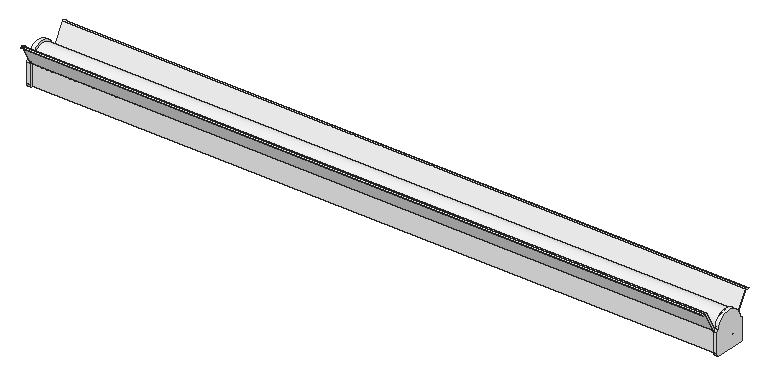
Revit family "0045198+0045235 Feilo Sylvania Lighting Fixture SYLBATTEN LED4 6000K DALI TP5 with SYMMETRIC REFLECTOR ACCESSORY 1500MM", category Lighting Fixtures, host Face, Revit 2017
Family settings
  Host = Face
  Round Connector Dimension = Use Diameter
  Part Type = Normal
  OmniClass Number = 23.80.70.00
  OmniClass Title = Lighting
  Cut with Voids When Loaded = No
  Light Source = Yes
  Shared = No
  Room Calculation Point = No
Parameters (values of type "0045198 SYLBATTEN LED4 6000K DALI TP5")
  Width_FEILO = 66 mm
  Weight = "3.2 kg"
  Wattage Comments = "n/a"
  Wattage = 39 W
  WarrantyStartDate [instance] = "n/a"
  WarrantyGuarantorParts = "n/a"
  WarrantyDurationUnit = "n/a"
  WarrantyDurationParts = "n/a"
  WarrantyDescription = "n/a"
  built-in parameter 1150110 = 1 (stored number, unit not read)
  Voltage = 230 V
  URL = "http://www.sylvania-lighting.com"
  TypeName = "SYLBATTEN LED4 6000K DALI TP5"
  Type Image = <None>
  Type Comments = "n/a"
  built-in parameter 1114217 = 1 (stored number, unit not read)
  Tilt Angle = -90.00°
  built-in parameter 1150109 = 1 (stored number, unit not read)
  built-in parameter 1150134 = 5
  SymReflector_FEILO = yes
  built-in parameter 1150113 = 1 (stored number, unit not read)
  SerialNumber [instance] = "n/a"
  PowerFactor = 0
  PowerConsumption = "39 W"
  Photometric Web File = "0045198+0045235.ies"
  NominalLength = 1505 mm
  NominalHeight = 76 mm
  NominalDepth = 66 mm
  Name = "SYLBATTEN LED4 6000K DALI TP5"
  ModelReference = Name  # "SYLBATTEN LED4 6000K DALI TP5"
  ModelNumber = "0045198"
  Model = Name  # "SYLBATTEN LED4 6000K DALI TP5"
  Material_4_FEILO = Reflector-Sylvania-Sylbatten-White
  Material_3_FEILO = Diffuser-Sylvania-Sylbatten-Glow
  Material_2_FEILO = Body-Sylvania-Sylbatten-White
  Material_1_FEILO = Body-Sylvania-Sylbatten-White
  Material = "sheet steel housing, polycarbonate diffuser"
  ManufacturerName = "Feilo Sylvania"
  Manufacturer = "Feilo Sylvania"
  LuminousEfficacy = "112.2 lm/W"
  built-in parameter 1150105 = 348.31 (stored number, unit not read)
  Lumens = 4376.97 lm
  LuminaireType = ""
  built-in parameter 1150115 = 1 (stored number, unit not read)
  LightOutputRatio = "100"
  built-in parameter 1150137 = (empty or 0)
  built-in parameter 1150139 = (empty or 0)
  Length_FEILO = 1505 mm
  LampsType = Lamp  # "LED"
  LampNominalLuminous = "4377 lm"
  LampMacAdamStep = "n/a"
  LampColourTemperature = "6000 K"
  LampColourRenderingIndex = "80"
  built-in parameter 1150112 = 1 (stored number, unit not read)
  built-in parameter 1150114 = 1 (stored number, unit not read)
  Lamp = "LED"
  Keynote = "16500"
  InstallationDate [instance] = "n/a"
  InputVoltage = "220-240V~"
  InputNominalFrequency = "n/a"
  built-in parameter 1150132 = (empty or 0)
  built-in parameter 1150102 = (empty or 0)
  built-in parameter 1150107 = 6000 (stored number, unit not read)
  built-in parameter 1150138 = (empty or 0)
  IngressProtection = "IP20"
  ImpactProtectionIndex = "IK07"
  built-in parameter 1150106 = 3.4831 (stored number, unit not read)
  IfcExportType = "IfcLightFixtureType"
  IfcExportAs = "IfcLightFixtureType"
  Height_FEILO = 76 mm
  ExpectedLife = 50000
  Emit from Rectangle Width = Length_FEILO - 16 mm  # 1489 mm
  Emit from Rectangle Length = Width_FEILO - 40 mm  # 26 mm
  Emit Shape Visible in Rendering = no
  ElectricShockClassification = "Class I"
  built-in parameter 1150104 = 10.427 (stored number, unit not read)
  DurationUnit = "hours"
  DocumentationLiterature = "http://www.sylvania-lighting.com/product/en-int/products/0045198"
  DimmingControlOptions = "Dimmable"
  Dimming Lamp Color Temperature Shift = <None>
  Description = "LED batten, T8 replacement, ease of installation through 2 part push-in design of the housing (safety cable included), through wiring capability (TP5 = 5 core), sheet steel, 4377LM, 39W, 112m/W, 6000K, drive current: 350mA, CRI 80, 138° wide beam angle, DALI dimmable, IP20, IK07, 50,000 hrs (L70), (LxWxH) 1505x66x76mm, 5 step MacAdam ellipse, 3.7kg, white RAL 9016, Class 1, 220-240V, energy class: A++, A+, A."
  Default Elevation = 1219.2 mm
  CreatedOn = "2/22/2018"
  CreatedBy = ""
  Cost = 0
  Color Filter = 16777215
  built-in parameter 1114216 [instance] = (empty or 0)
  ClassificationValue = "EF_70_80"
  ClassificationName = "Uniclass2015"
  CapOffset_FEILO = 2 mm
  BarCode [instance] = "n/a"
  built-in parameter 1114218 = 1 (stored number, unit not read)
  BackReflector_FEILO = and(not(AsymReflector_FEILO), SymReflector_FEILO)  # yes
  built-in parameter 1150133 = 10 (stored number, unit not read)
  FrontReflector_FEILO = or(AsymReflector_FEILO, SymReflector_FEILO)  # yes
  AsymReflector_FEILO = no
  AssetType = "Fixed"
  AssetIdentifier [instance] = "n/a"
  Assembly Code = "D5020200"
  Apparent Load = 39 VA
Reference planes
  plane 1 "Center (Front/Back)": y = 0
  plane 2: z = 0
  plane 3 "Center (Left/Right)": x = 0
  plane 4: x = 752.5
  plane 5: x = -752.5
  plane 6: y = 33
  plane 7: y = -33
  plane 8: z = 76
  plane 9: z = 47
  plane 10: y = -29
  plane 11: y = 29
  plane 12: z = 20
  plane 13: z = 74
  plane 14: y = -31
  plane 15: y = -27
  plane 16: y = 27
  plane 17: y = 31
  plane 18: z = 2
  plane 19: x = -744.5
  plane 20: x = 744.5
  plane 21: z = 49
  plane 22: y = 1
  plane 23: y = -1
  plane 24: z = 21
  plane 25: z = 19
  plane 26: y = -61
  plane 27: y = 61
  plane 28: y = -56
  plane 29: y = 56
  plane 30: z = 91
  plane 31: z = 88
Forms (mm)
  Extrusion 1, solid, material "Body-Sylvania-Sylbatten-White" <- "Material_2_FEILO"
    sketch origin (0, 0, 0) x (0, 1, 0) y (0, 0, 1)
      loop
        line (-31, 2) -> (31, 2) -> (31, 45)
        arc (31, 45) -> (30.414, 46.414) -> (29, 47) r 2
        line (29, 47) -> (27, 47)
        arc (27, 47) -> (0, 74) -> (-27, 47) r 27
        line (-27, 47) -> (-29, 47)
        arc (-29, 47) -> (-30.414, 46.414) -> (-31, 45) r 2
        line (-31, 45) -> (-31, 2)
    from -744.5 to 744.5
  Extrusion 2, solid, material "Body-Sylvania-Sylbatten-White" <- "Material_2_FEILO"
    sketch origin (752.5, 1524, 1219.2) x (0, 1, 0) y (0, 0, 1)
      loop
        arc (-1494, -1219.2) -> (-1491.879, -1218.321) -> (-1491, -1216.2) r 3
        line (-1491, -1216.2) -> (-1491, -1173.2)
        arc (-1491, -1173.2) -> (-1491.879, -1171.079) -> (-1494, -1170.2) r 3
        line (-1494, -1170.2) -> (-1495.069, -1170.2)
        arc (-1495.069, -1170.2) -> (-1524, -1143.2) -> (-1552.931, -1170.2) r 29
        line (-1552.931, -1170.2) -> (-1554, -1170.2)
        arc (-1554, -1170.2) -> (-1556.121, -1171.079) -> (-1557, -1173.2) r 3
        line (-1557, -1173.2) -> (-1557, -1216.2)
        arc (-1557, -1216.2) -> (-1556.121, -1218.321) -> (-1554, -1219.2) r 3
        line (-1554, -1219.2) -> (-1494, -1219.2)
      loop
        arc (-1525, -1189.25) -> (-1531.071, -1192.129) -> (-1533.95, -1198.2) r 10
        line (-1533.95, -1198.2) -> (-1532.944, -1198.2)
        arc (-1532.944, -1198.2) -> (-1530.364, -1192.836) -> (-1525, -1190.256) r 9
        line (-1525, -1190.256) -> (-1525, -1189.25)
      loop
        arc (-1523, -1190.256) -> (-1517.636, -1192.836) -> (-1515.056, -1198.2) r 9
        line (-1515.056, -1198.2) -> (-1514.05, -1198.2)
        arc (-1514.05, -1198.2) -> (-1516.929, -1192.129) -> (-1523, -1189.25) r 10
        line (-1523, -1189.25) -> (-1523, -1190.256)
      loop
        line (-1532.944, -1200.2) -> (-1533.95, -1200.2)
        arc (-1533.95, -1200.2) -> (-1531.071, -1206.271) -> (-1525, -1209.15) r 10
        line (-1525, -1209.15) -> (-1525, -1208.144)
        arc (-1525, -1208.144) -> (-1530.364, -1205.564) -> (-1532.944, -1200.2) r 9
      loop
        arc (-1515.056, -1200.2) -> (-1517.636, -1205.564) -> (-1523, -1208.144) r 9
        line (-1523, -1208.144) -> (-1523, -1209.15)
        arc (-1523, -1209.15) -> (-1516.929, -1206.271) -> (-1514.05, -1200.2) r 10
        line (-1514.05, -1200.2) -> (-1515.056, -1200.2)
    from 0 to -8
  Extrusion 3, solid, material "Body-Sylvania-Sylbatten-White" <- "Material_2_FEILO"
    sketch origin (-752.5, 1524, 1219.2) x (0, 1, 0) y (0, 0, 1)
      loop
        arc (-1495.069, -1170.2) -> (-1524, -1143.2) -> (-1552.931, -1170.2) r 29
        line (-1552.931, -1170.2) -> (-1554, -1170.2)
        arc (-1554, -1170.2) -> (-1556.121, -1171.079) -> (-1557, -1173.2) r 3
        line (-1557, -1173.2) -> (-1557, -1216.2)
        arc (-1557, -1216.2) -> (-1556.121, -1218.321) -> (-1554, -1219.2) r 3
        line (-1554, -1219.2) -> (-1494, -1219.2)
        arc (-1494, -1219.2) -> (-1491.879, -1218.321) -> (-1491, -1216.2) r 3
        line (-1491, -1216.2) -> (-1491, -1173.2)
        arc (-1491, -1173.2) -> (-1491.879, -1171.079) -> (-1494, -1170.2) r 3
        line (-1494, -1170.2) -> (-1495.069, -1170.2)
      loop
        line (-1533.95, -1198.2) -> (-1532.944, -1198.2)
        arc (-1532.944, -1198.2) -> (-1530.364, -1192.836) -> (-1525, -1190.256) r 9
        line (-1525, -1190.256) -> (-1525, -1189.25)
        arc (-1525, -1189.25) -> (-1531.071, -1192.129) -> (-1533.95, -1198.2) r 10
      loop
        line (-1523, -1189.25) -> (-1523, -1190.256)
        arc (-1523, -1190.256) -> (-1517.636, -1192.836) -> (-1515.056, -1198.2) r 9
        line (-1515.056, -1198.2) -> (-1514.05, -1198.2)
        arc (-1514.05, -1198.2) -> (-1516.929, -1192.129) -> (-1523, -1189.25) r 10
      loop
        line (-1514.05, -1200.2) -> (-1515.056, -1200.2)
        arc (-1515.056, -1200.2) -> (-1517.636, -1205.564) -> (-1523, -1208.144) r 9
        line (-1523, -1208.144) -> (-1523, -1209.15)
        arc (-1523, -1209.15) -> (-1516.929, -1206.271) -> (-1514.05, -1200.2) r 10
      loop
        line (-1525, -1209.15) -> (-1525, -1208.144)
        arc (-1525, -1208.144) -> (-1530.364, -1205.564) -> (-1532.944, -1200.2) r 9
        line (-1532.944, -1200.2) -> (-1533.95, -1200.2)
        arc (-1533.95, -1200.2) -> (-1531.071, -1206.271) -> (-1525, -1209.15) r 10
    from 0 to 8
  Extrusion 4, solid, material "Reflector-Sylvania-Sylbatten-White" <- "Material_4_FEILO", visible <- "FrontReflector_FEILO"
    sketch origin (0, 0, 0) x (0, 1, 0) y (0, 0, 1)
      loop
        line (-61.257, 88.429) -> (-60.743, 87.571) -> (-56.621, 90.044)
        arc (-56.621, 90.044) -> (-56.237, 90.099) -> (-55.929, 89.863) r 0.5
        line (-55.929, 89.863) -> (-31.435, 46.753) -> (-30.565, 47.247) -> (-55.312, 90.802)
        arc (-55.312, 90.802) -> (-55.928, 91.275) -> (-56.696, 91.165) r 1
        line (-56.696, 91.165) -> (-61.257, 88.429)
    from -744.5 to 744.5
  Extrusion 5, solid, material "Reflector-Sylvania-Sylbatten-White" <- "Material_4_FEILO", visible <- "BackReflector_FEILO"
    sketch origin (0, 0, 0) x (0, 1, 0) y (0, 0, 1)
      loop
        line (30.565, 47.247) -> (31.435, 46.753) -> (55.932, 89.868)
        arc (55.932, 89.868) -> (56.245, 90.112) -> (56.638, 90.062) r 0.518
        line (56.638, 90.062) -> (61.033, 87.565) -> (61.527, 88.435) -> (56.682, 91.188)
        arc (56.682, 91.188) -> (55.922, 91.282) -> (55.318, 90.812) r 1
        line (55.318, 90.812) -> (30.565, 47.247)
    from -744.5 to 744.5
Lines and regions (mm)
  reference lines
    curve 1: line (0, -61, 88) -> (0, -56, 91)
    curve 2: line (0, -56, 91) -> (0, -31, 47)
    curve 3: line (0, 31, 47) -> (0, 56, 91)
    curve 4: line (0, 56, 91) -> (0, 61.28, 88)
Dimensions and locks
  equal spacing: plane 5, plane 3 "Center (Left/Right)", plane 4
  equal spacing: plane 7, plane 1 "Center (Front/Back)", plane 6
  "Width_FEILO": plane 7 to plane 6
  "Length_FEILO": plane 5 to plane 4
  "Height_FEILO": plane 8 to plane 2
  locked: plane 9 to plane 8 at 29
  equal spacing: plane 10, plane 1 "Center (Front/Back)", plane 11
  locked: plane 7 to plane 10 at 4
  locked: plane 12 to plane 2 at 20
  "CapOffset_FEILO": plane 13 to plane 8
  "CapOffset_FEILO": plane 7 to plane 14
  "CapOffset_FEILO": plane 10 to plane 15
  "CapOffset_FEILO": plane 17 to plane 6
  "CapOffset_FEILO": plane 16 to plane 11
  "CapOffset_FEILO": plane 18 to plane 2
  locked: plane 14 to Extrusion 1 sketch curve at 2
  locked: Extrusion 1 sketch curve to plane 9 at 2  (x2)
  locked: plane 16 to Extrusion 1 sketch curve at 2
  equal spacing: plane 19, plane 3 "Center (Left/Right)", plane 20
  locked: plane 5 to plane 19 at 8
  "CapOffset_FEILO": plane 9 to plane 21
  locked: Extrusion 2 sketch curve to plane 2 at 47
  locked: Extrusion 1 sketch curve to plane 2 at 47
  locked: Extrusion 2 sketch curve to plane 2 at 3  (x2)
  locked: plane 7 to Extrusion 2 sketch curve at 3  (x2)
  locked: Extrusion 2 sketch curve to plane 6 at 3  (x2)
  locked: Extrusion 2 sketch curve to plane 21 at 3  (x2)
  equal spacing: plane 23, plane 1 "Center (Front/Back)", plane 22
  equal spacing: plane 25, plane 12, plane 24
  plane 30 to plane 31 to plane 2 = 3 mm locked, 88 mm locked
  plane 28 to plane 29 = 112 mm
  plane 26 to plane 27 = 122 mm
  aligned and locked: plane 2 to host face
  aligned and locked: level to host face
  aligned and locked: plane 18 to Extrusion 1 sketch curve
  aligned and locked: plane 14 to Extrusion 1 sketch curve
  aligned and locked: Extrusion 1 sketch curve to plane 9  (x2)
  aligned and locked: Extrusion 1 sketch curve to plane 17
  aligned and locked: plane 15 to Extrusion 1 sketch curve
  aligned and locked: plane 16 to Extrusion 1 sketch curve
  aligned and locked: plane 9 to Extrusion 1 sketch curve
  aligned and locked: plane 20 to Extrusion 1
  aligned and locked: level to Extrusion 2 sketch curve
  aligned and locked: Extrusion 2 sketch curve to plane 7
  aligned and locked: plane 21 to Extrusion 2 sketch curve
  aligned and locked: Extrusion 2 sketch curve to plane 21
  aligned and locked: plane 1 "Center (Front/Back)" to Extrusion 2 sketch curve  (x3)
  aligned and locked: Extrusion 2 to Extrusion 1
  aligned and locked: plane 4 to Extrusion 2
  aligned and locked: plane 12 to Extrusion 2 sketch curve  (x2)
  aligned and locked: Extrusion 2 sketch curve to plane 22
  aligned and locked: Extrusion 2 sketch curve to plane 23
  aligned and locked: Extrusion 2 sketch curve to plane 24
  aligned and locked: Extrusion 2 sketch curve to plane 25
  aligned and locked: plane 25 to Extrusion 2 sketch curve
  aligned and locked: plane 22 to Extrusion 2 sketch curve
  aligned and locked: plane 24 to Extrusion 2 sketch curve
  aligned and locked: plane 23 to Extrusion 2 sketch curve  (x2)
  aligned and locked: Extrusion 3 sketch curve to Extrusion 2  (x22)
  aligned and locked: Extrusion 3 to Extrusion 1
  aligned and locked: Extrusion 3 to plane 5
  aligned and locked: plane 19 to Extrusion 3
  aligned and locked: plane 31 to curve 1
  aligned and locked: plane 30 to curve 1
  aligned and locked: plane 14 to curve 2
  aligned and locked: plane 9 to curve 2
  aligned and locked: plane 17 to curve 3
  aligned and locked: plane 30 to curve 3
  aligned and locked: plane 31 to curve 4
  aligned and locked: Extrusion 4 sketch curve to curve 2
  aligned and locked: Extrusion 4 sketch curve to curve 1
  aligned and locked: Extrusion 4 to Extrusion 1
  aligned and locked: Extrusion 1 to Extrusion 4
  aligned and locked: imposter light to plane 1 "Center (Front/Back)"
  aligned and locked: imposter light to plane 3 "Center (Left/Right)"
  aligned and locked: imposter light to plane 13
  aligned and locked: Extrusion 5 sketch curve to curve 4
  aligned and locked: Extrusion 5 sketch curve to curve 3
  aligned and locked: Extrusion 1 to Extrusion 5
  aligned and locked: Extrusion 5 to Extrusion 1
Automatic sketch dimensions
  host sketch curve to host sketch curve = 2438.4 mm  (x2)
  Extrusion 2 sketch curve to Extrusion 2 sketch curve = 0 mm  (x14)
  Extrusion 2 sketch curve to plane 10 = 0.069 mm
  plane 23 to Extrusion 2 sketch curve = 8.95 mm
  Extrusion 2 sketch curve to Extrusion 2 sketch curve = 1.006 mm  (x4)
  Extrusion 2 sketch curve to plane 22 = 7.944 mm
  curve 1 to plane 26 = 0 mm
  curve 2 to plane 28 = 0 mm
  curve 4 to plane 29 = 0 mm
  plane 9 to curve 3 = 0 mm
  plane 26 to Extrusion 4 sketch curve = 0.257 mm
  Extrusion 4 sketch curve to plane 26 = 0.257 mm
  Extrusion 4 sketch curve to plane 30 = 0.165 mm
  plane 28 to Extrusion 4 sketch curve = 0.696 mm
  plane 28 to Extrusion 4 sketch curve = 0.621 mm
  plane 28 to Extrusion 4 sketch curve = 0.364 mm
  plane 28 to Extrusion 4 sketch curve = 0.182 mm
  Extrusion 4 sketch curve to plane 28 = 0.071 mm
  plane 30 to Extrusion 4 sketch curve = 0.198 mm
  Extrusion 4 sketch curve to plane 28 = 0.688 mm
  plane 9 to Extrusion 4 sketch curve = 0.247 mm
  plane 1 "Center (Front/Back)" to Extrusion 4 sketch curve = 31.435 mm
  Extrusion 5 sketch curve to plane 9 = 0.247 mm
  Extrusion 5 sketch curve to plane 1 "Center (Front/Back)" = 30.565 mm
  plane 9 to Extrusion 5 sketch curve = 0.247 mm
  plane 30 to Extrusion 5 sketch curve = 0.188 mm
  plane 29 to Extrusion 5 sketch curve = 0.068 mm
  Extrusion 5 sketch curve to plane 29 = 0.188 mm
  Extrusion 5 sketch curve to plane 29 = 0.382 mm
  Extrusion 5 sketch curve to Extrusion 5 sketch curve = 0.256 mm
  Extrusion 5 sketch curve to plane 30 = 0.188 mm
  Extrusion 5 sketch curve to plane 29 = 0.682 mm
  Extrusion 5 sketch curve to plane 27 = 0.033 mm
  Extrusion 5 sketch curve to plane 27 = 0.527 mm
Connectors
  electrical at (0, 0, 0), driven by "Apparent Load", driven by "PowerFactor", driven by "Voltage"
    settings: index 1, voltage 230 V, apparent load 39 VA, apparent load phase1 0 VA, apparent load phase2 0 VA, apparent load phase3 0 VA, power factor 0, load classification "Lighting", number of poles 1, system type 30, power factor state 1, is connector primary yes, connector utility no, sub classification motor no, connector description ""
